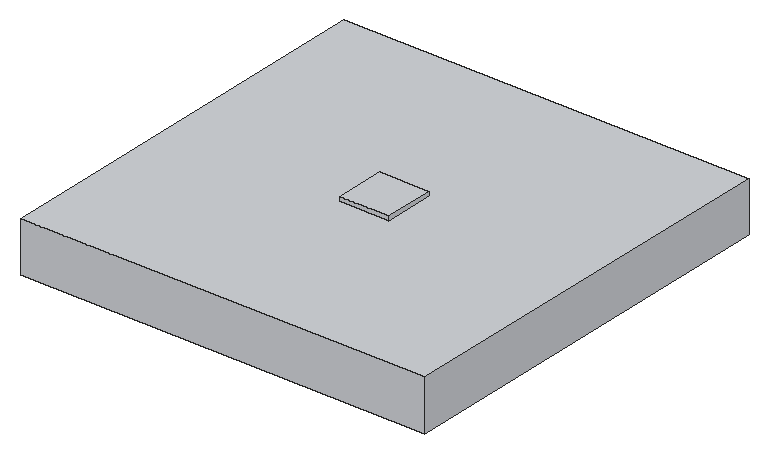
Revit family "M_Conector de duto retangular - Outro ar - Equipamento mecânico", category Equipamento mecânico, Revit 2019
Family settings
  Hospedeiro = Face
  Cota do conector redondo = Utilizar diâmetro
  Tipo de parte = Normal
  Número OmniClass = 23.75.70.21.27
  Título OmniClass = Air Outlets and Inlets
  ID de item do Seek = Rectangular Duct Connector - Other Air - Mechanical Equipment-0000-CAN-ENU
  Corte com vazios quando carregada = Não
  Compartilhado = Não
  Ponto de cálculo do ambiente = Não
Parameters (values of type "Padrão")
  Largura [instance] = 300 mm
  Espessura [instance] = 25 mm
  Altura [instance] = 300 mm
  Fluxo [instance] = 47.19 L/s
  Default Elevation = 0 mm
  Assembly Code = ""
Reference planes
  plane 1 "Centro (Frente/Trás)": y = 0
  plane 2: z = 0
  plane 3 "Centro (Esquerda/Direita)": x = 0
Forms (mm)
  Extrusion 1, solid
    sketch origin (0, 0, 0) x (1, 0, 0) y (0, 1, 0)
      loop
        line (-1219.2, 1219.2) -> (-1219.2, -1219.2) -> (1219.2, -1219.2) -> (1219.2, 1219.2) -> (-1219.2, 1219.2)
    from 0 to -304.8
  Sweep 2, solid
    path in 3D
      loop
        line (0, 0, 0) -> (0, 0, 25)
    profile "M_Duto - Retangular : Duto - Retangular" origin (0, 0, 12.5) x (0, -1, 0) y (1, 0, 0)
      loop
        line (-150, 150) -> (-150, -150) -> (150, -150) -> (150, 150) -> (-150, 150)
Lines and regions (mm)
  reference lines
    curve 1: line (0, 0, 0) -> (0, 0, 25)
  sketch lines
    curve 2: line (0, 0, 0) -> (0, 0, 25)
Dimensions and locks
  "Espessura": curve 1 to curve 1
  aligned and locked: plane 2 to Extrusion 1
  aligned and locked: level to Extrusion 1
  aligned and locked: Extrusion 1 to curve 1
  aligned and locked: curve 1 to plane 1 "Centro (Frente/Trás)"
Automatic sketch dimensions
  Extrusion 1 sketch curve to Extrusion 1 sketch curve = 2438.4 mm  (x2)
Connectors
  hvac at (0, 0, 25), driven by "Altura", driven by "Largura", driven by "Fluxo"
    settings: on Sweep 2, index 1, duct flow 47.19 L/s, flow factor 0, pres drop 0.0 Pa, loss coef 0, conn angle 0.00°, conn width 300 mm, conn height 300 mm, conn diameter 609.6 mm, duct sys type 4, conn prof type 1, flow config 1, flow direction 2, loss method 0, conn ref index -1, conn util no, is conn primary yes, conn desc ""
